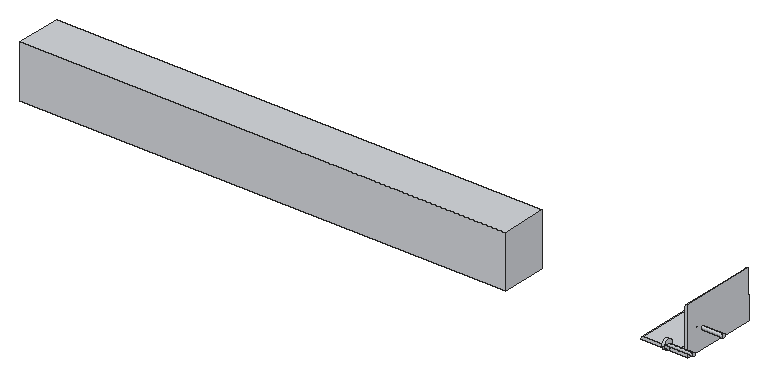
Revit family "AVLN_Набор перемычек", category Обобщенные модели, Revit 2021
Family settings
  Основа = Стена
  Может служить основой для арматурных стержней = Нет
  Размер круглого соединителя = Использовать диаметр
  Тип детали = Нормальный
  Всегда вертикально = Да
  При загрузке вырезать с полостями = Нет
  Общий = Да
  Точка принадлежности помещению = Нет
Parameters (values of type "Для копирования!")
  Элемент 9(3) = Перемычки - Пластина (ГОСТ 103-76) : 80х6, L=250
  Элемент 9(2)_Материал = none
  Элемент 8(2) = Перемычки - Уголок (ГОСТ 8509-93)(Поворот.Зеркальный) : 125х8, L=200(Пов. 180)
  Элемент 7(1)_Материал = none
  Элемент 7(1) = Перемычки - Уголок (ГОСТ 8509-93) : 125х8, L=200
  Элемент 6(1)_Материал = none
  Элемент 5(1)_Материал = none
  Элемент 5(1) = Перемычки ЖБ : 3ПБ27-8-П *2380
  Элемент 4(1)_Материал = none
  Элемент 4(1) = Перемычки ЖБ : 4ПБ48-8-П *4380
  Элемент 3(1)_Материал = none
  Элемент 3(1) = Перемычки ЖБ : 2ПБ10-1-П *830
  Элемент 2(1)_Материал = none
  Элемент 2(1) = Перемычки ЖБ : 2ПБ13-1-П *1090
  Элемент 1(1)_Материал = none
  Элемент 1(1) = Перемычки ЖБ : 2ПБ13-1-П *1090
  Ширина проема Элементы9(2)_8(3) = 2100 mm
  Элементы соединительные(3) = no
  Элементы горизонтальные(1) = yes
  Шаг анкера = 100 mm
  Отступ анкера = 50 mm
  Отметка по умолчанию = 0 mm
  Область маскировки = yes
  Горизонтальное смещение Элемент1-7(1) = 0 mm
  Расчетное расстояние от произвольной плоскости = Расстояние от вспомогательной плоскости + [Горизонтальное смещение Элемент1-7(1)]  # 2500 mm
  Расстояние от вспомогательной плоскости = 2500 mm  # constant formula
  Соединительные Привязка_Элемент 8(3) = ([Ширина проема Элементы9(2)_8(3)] - ([Количество соединительные Элементы 8(3)] - 1) * [Шаг соединительные Элементы 8(3)]) / 2  # 800 mm
  Количество соединительные Элементы 8(3) = 2
  Шаг соединительные Элементы 8(3) = 500 mm
  Высота Элемент 9(2) = -2.6 mm
  Элементы крепления(2) = yes
  Отступ Элемент 8(2) = 105 mm
  Высота Элемент 8(3) = 0 mm
  Высота Элемент 7(1) = 0 mm
  Элемент 7(1)_Видимость = if(and([Элементы горизонтальные(1)]), Количество горизонтальных элементов > 6, Видимость_not)  # no
  Высота Элемент 6(1) = 0 mm
  Элемент 6(1)_Видимость = if(and([Элементы горизонтальные(1)]), Количество горизонтальных элементов > 5, Видимость_not)  # no
  Высота Элемент 5(1) = 0 mm
  Элемент 5(1)_Видимость = if(and([Элементы горизонтальные(1)]), Количество горизонтальных элементов > 4, Видимость_not)  # no
  Высота Элемент 4(1) = 0 mm
  Элемент 4(1)_Видимость = if(and([Элементы горизонтальные(1)]), Количество горизонтальных элементов > 3, Видимость_not)  # no
  Высота Элемент 3(1) = 0 mm
  Элемент 3(1)_Видимость = if(and([Элементы горизонтальные(1)]), Количество горизонтальных элементов > 2, Видимость_not)  # no
  Высота Элемент 2(1) = 0 mm
  Элемент 2(1)_Видимость = if(and([Элементы горизонтальные(1)]), Количество горизонтальных элементов > 1, Видимость_not)  # no
  Высота Элемент 1(1) = 50 mm
  Отступ от 6 до 7 = 150 mm
  Отступ от 5 до 6 = 140 mm
  Отступ от 4 до 5 = 130 mm
  Отступ от 3 до 4 = 146.078 mm
  Отступ от 2 до 3 = 165 mm
  Отступ от 1 до 2 = 125 mm
  Отступ до Элемент 1 = 15 mm
  Область видимости_По высоте вниз [instance] = 1200 mm
  Крепление_Справа_Видимость = if(and([Элементы крепления(2)], [Крепление_Справа(2)]), [Видимость Элемент 9(2)], Видимость_not)  # yes
  Крепление_Справа(2) = yes
  Крепление_Слева_Видимость = if(and([Элементы крепления(2)], [Крепление_Слева(2)]), [Видимость Элемент 9(2)], Видимость_not)  # no
  Крепление_Слева(2) = no
  Количество горизонтальных элементов = 1
  Группа модели = "Перемычки"  # constant formula
  Высота Анкер = 50 mm
  Видимость Элемент 9(2) = Видимость_Определение = 1 mm  # yes
  Видимость_Определение = 1 mm  # constant formula
  Видимость_not = Видимость_Определение = 2 mm  # no
  Анкер справа = yes
  Анкер слева = no
Reference planes
  plane 1 "Стена": y = 0
  plane 2 "По центру (Влево/Вправо)": x = 125
  plane 3 "Назад": y = 150
  plane 4: z = 0
  plane 5: y = -150
  plane 6: y = -135
  plane 7: y = -10
  plane 8: y = 155
  plane 9: y = 301.078
  plane 10: y = 431.078
  plane 11: y = 571.078
  plane 12: y = 721.078
  plane 13: x = 1175
  plane 14: x = -925
  plane 15: y = 360
  plane 16: x = -2375
  plane 17 "Анкер1": y = -100
  plane 18 "Анкер2": y = 0
Lines and regions (mm)
  model lines, style "InvisibleLines"
    curve 1: line (125, 0, 0) -> (125, 0, -1200)
Text (mm)
  text "Сторона размещения" at (-2895.44, 3293.409, 0), in view "Опорный уровень"
  text "Сторона размещения" at (0, 1409.804, 2854.306), in view "Слева"
  text "Сторона размещения" at (0, 499.811, 2980.732), in view "Справа"
Dimensions and locks
  plane 3 "Назад" to plane 3 "Назад" = 0 mm
  "Отступ до Элемент 1": plane 6 to plane 5
  "Отступ от 1 до 2": plane 7 to plane 6
  "Отступ от 2 до 3": plane 8 to plane 7
  "Отступ от 3 до 4": plane 9 to plane 8
  "Отступ от 4 до 5": plane 10 to plane 9
  "Отступ от 5 до 6": plane 11 to plane 10
  "Отступ от 6 до 7": plane 12 to plane 11
  equal spacing: plane 14, plane 2 "По центру (Влево/Вправо)", plane 13
  "Ширина проема Элементы9(2)_8(3)": plane 14 to plane 13
  plane 14 to plane 13 = 2100 mm
  "Отступ Элемент 8(2)": nested 9 to plane 5
  "Отступ Элемент 8(2)": nested 8 to plane 5
  "Расстояние от вспомогательной плоскости": plane 16 to plane 2 "По центру (Влево/Вправо)"
  "Расчетное расстояние от произвольной плоскости": plane 16 to nested 2
  "Расчетное расстояние от произвольной плоскости": plane 16 to nested 3
  "Расчетное расстояние от произвольной плоскости": plane 16 to nested 4
  "Расчетное расстояние от произвольной плоскости": plane 16 to nested 7
  "Расчетное расстояние от произвольной плоскости": plane 16 to nested 5
  "Расчетное расстояние от произвольной плоскости": plane 16 to nested 6
  "Область видимости_По высоте вниз": level to curve 1
  "Область видимости_По высоте вниз": curve 1 to level
  "Соединительные Привязка_Элемент 8(3)": plane 14 to nested 10
  group 1 to group 2 = 500 mm
  group 2 to group 1 = 0 mm
  group 1 to group 2 = 0 mm
  "Шаг соединительные Элементы 8(3)": nested 10 to nested 11
  equal spacing: plane 5, nested 1, plane 3 "Назад"
  plane 6 to plane 5 = 15 mm
  "Отступ анкера": plane 17 "Анкер1" to plane 5
  "Шаг анкера": plane 18 "Анкер2" to plane 17 "Анкер1"
  aligned and locked: plane 1 "Стена" to host wall
  aligned and locked: level to plane 4
  aligned and locked: host wall to plane 5
  aligned and locked: curve 1 to host wall
  aligned and locked: plane 6 to nested 2
  aligned and locked: nested 3 to plane 7
  aligned and locked: nested 4 to plane 8
  aligned and locked: nested 5 to plane 10
  aligned and locked: nested 6 to plane 12
  aligned and locked: nested 7 to plane 9
  aligned and locked: plane 13 to nested 8
  aligned and locked: nested 9 to plane 14
  aligned and locked: plane 2 "По центру (Влево/Вправо)" to nested 1
  aligned and locked: nested 11 to plane 6
  aligned and locked: nested 10 to plane 6
  aligned and locked: plane 18 "Анкер2" to nested 12
  aligned and locked: plane 17 "Анкер1" to nested 14
  aligned and locked: nested 13 to plane 18 "Анкер2"
  aligned and locked: nested 15 to plane 17 "Анкер1"
  aligned and locked: plane 14 to nested 13
  aligned and locked: plane 14 to nested 15
  aligned and locked: plane 13 to nested 12
  aligned and locked: plane 13 to nested 14
Automatic sketch dimensions
  plane 2 "По центру (Влево/Вправо)" to curve 1 = 0 mm
  curve 1 to level = 0 mm
Nested families
  nested 1: "Прозрачный прямоугольник - Элементы узлов" at (125, -60, 0), b <- "Ширина проема Элементы9(2)_8(3)", visible <- "Область маскировки", type "Прозрачный прямоугольник - Элементы узлов"
    with b 2100 mm, a 120 mm
  nested 2: "Перемычки ЖБ" at (125, -15, 50), type <- "Элемент 1(1)", built-in parameter 1001364 <- "Высота Элемент 1(1)", Structural Material <- "Элемент 1(1)_Материал", visible <- "Элементы горизонтальные(1)", type "2ПБ13-1-П *1090"
  nested 3: "Перемычки ЖБ" at (125, 110, 0), type <- "Элемент 2(1)", built-in parameter 1001364 <- "Высота Элемент 2(1)", visible <- "Элемент 2(1)_Видимость", Structural Material <- "Элемент 2(1)_Материал", type "2ПБ13-1-П *1090"
  nested 4: "Перемычки ЖБ" at (125, 275, 0), type <- "Элемент 3(1)", built-in parameter 1001364 <- "Высота Элемент 3(1)", visible <- "Элемент 3(1)_Видимость", Structural Material <- "Элемент 3(1)_Материал", type "2ПБ10-1-П *830"
  nested 5: "Перемычки ЖБ" at (125, 551.078, 0), built-in parameter 1001364 <- "Высота Элемент 5(1)", visible <- "Элемент 5(1)_Видимость", type <- "Элемент 5(1)", Structural Material <- "Элемент 5(1)_Материал", type "3ПБ27-8-П *2380"
  nested 6: "Перемычки - Уголок (ГОСТ 8509-93)" at (125, 728.878, 0), type <- "Элемент 7(1)", built-in parameter 1001364 <- "Высота Элемент 7(1)", visible <- "Элемент 7(1)_Видимость", Structural Material <- "Элемент 7(1)_Материал", type "125х8, L=200"
  nested 7: "Перемычки ЖБ" at (125, 421.078, 0), type <- "Элемент 4(1)", built-in parameter 1001364 <- "Высота Элемент 4(1)", visible <- "Элемент 4(1)_Видимость", Structural Material <- "Элемент 4(1)_Материал", type "4ПБ48-8-П *4380"
  nested 8: "Перемычки - Уголок (ГОСТ 8509-93)(Поворот.Зеркальный)" at (1169.6, 55, -2.6) x (0, 1, 0) z (0, 0, 1), type <- "Элемент 8(2)", built-in parameter 1001364 <- "Высота Элемент 9(2)", visible <- "Крепление_Справа_Видимость", Structural Material <- "Элемент 9(2)_Материал", type "125х8, L=200(Пов. 180)"
  nested 9: "Перемычки - Уголок (ГОСТ 8509-93)(Поворот.Зеркальный)" at (-919.6, 55, -2.6) x (0, 1, 0) z (0, 0, 1), type <- "Элемент 8(2)", built-in parameter 1001364 <- "Высота Элемент 9(2)", visible <- "Крепление_Слева_Видимость", Structural Material <- "Элемент 9(2)_Материал", type "125х8, L=200(Пов. 180)"
  nested 10: "Перемычки - Пластина (ГОСТ 103-76)" at (-125, -10, 0) x (0, 1, 0) z (0, 0, 1), type <- "Элемент 9(3)", built-in parameter 1001364 <- "Высота Элемент 8(3)", visible <- "Элементы соединительные(3)", type "80х6, L=250"
    with Масса 0.942 kg, L_Длина 250 mm
  nested 11: "Перемычки - Пластина (ГОСТ 103-76)" at (375, -10, 0) x (0, 1, 0) z (0, 0, 1), type <- "Элемент 9(3)", built-in parameter 1001364 <- "Высота Элемент 8(3)", visible <- "Элементы соединительные(3)", type "80х6, L=250"
    with Масса 0.942 kg, L_Длина 250 mm
  nested 12: "Перемычки - Анкер" at (1167, 5.4, 50), visible <- "Анкер справа", built-in parameter 1001364 <- "Высота Анкер", type "Анкер-шпилька HSAхМ8х75"
    with b_Ширина 12 mm
  nested 13: "Перемычки - Анкер" at (-917, -5.4, 50) x (-1, 0, 0) z (0, 0, 1), visible <- "Анкер слева", built-in parameter 1001364 <- "Высота Анкер", type "Анкер-шпилька HSAхМ8х75"
    with b_Ширина 12 mm
  nested 14: "Перемычки - Анкер" at (1167, -94.6, 50), visible <- "Анкер справа", built-in parameter 1001364 <- "Высота Анкер", type "Анкер-шпилька HSAхМ8х75"
    with b_Ширина 12 mm
  nested 15: "Перемычки - Анкер" at (-917, -105.4, 50) x (-1, 0, 0) z (0, 0, 1), visible <- "Анкер слева", built-in parameter 1001364 <- "Высота Анкер", type "Анкер-шпилька HSAхМ8х75"
    with b_Ширина 12 mm
Definition of nested family "Перемычки ЖБ"
  Parameters (values of type "4ПБ48-8-П *4380")
    Ширина = 120 mm
    Description = "Перемычка"  # constant formula
    Обозначение = "Серия 1.038.1-1 вып.1"
    Наименование = "1ПБ10-1-П"
    Масса = 418.00 kg
    Длина = 4800 mm
    Model = "Перемычка"  # constant formula
    Высота = 290 mm
  Types (6, lengths in mm): name | Ширина | Обозначение | Наименование | Масса | Длина | Высота
    4ПБ48-8-П *4380 | 120 | "Серия 1.038.1-1 вып.1" | "1ПБ10-1-П" | 418.00 kg | 4800 | 290
    3ПБ27-8-П *2380 | 120 | "Серия 1.038.1-1 вып.1" | "1ПБ10-1-П" | 180.00 kg | 2720 | 220
    2ПБ13-1-П *1090 | 120 | "Серия 1.038.1-1 вып.1" | "2ПБ13-1-П" | 54.00 kg | 1290 | 140
    2ПБ10-1-П *830 | 120 | "Серия 1.038.1-1 вып.1" | "1ПБ10-1-П" | 43.00 kg | 1030 | 140
    3ПБ39-8п_3890х120х220 | 120 | "Серия 1.038.1-1" | "3ПБ39-8п" | 257.00 kg | 3890 | 220
    5ПБ27-37п_2720х250х220 | 250 | "Серия 1.038.1-1" | "5ПБ27-37п" | 418.00 kg | 2720 | 220
  Reference planes
    plane 1 "По центру (Вперед/Назад)": y = 0
    plane 2: z = 0
    plane 3 "По центру (Влево/Вправо)": x = 0
    plane 4: x = -2400
    plane 5: x = 2400
    plane 6: y = -120
    plane 7: z = 290
  Forms (mm)
    Extrusion 1, solid
      sketch origin (0, 0, 0) x (1, 0, 0) y (0, 1, 0)
        loop
          line (-2400, 0) -> (-2400, -120) -> (2400, -120) -> (2400, 0) -> (-2400, 0)
      from 0 to 290
    Extrusion 2, void
      sketch origin (0, 0, 0) x (1, 0, 0) y (0, 1, 0)
        loop
          line (-2400, 0) -> (-2400, -120) -> (2400, -120) -> (2400, 0) -> (-2400, 0)
      from 0 to 290
  Dimensions and locks
    equal spacing: plane 4, plane 3 "По центру (Влево/Вправо)", plane 5
    "Длина": plane 4 to plane 5
    "Ширина": plane 6 to plane 1 "По центру (Вперед/Назад)"
    "Высота": plane 7 to level
    aligned and locked: plane 2 to level
    aligned and locked: Extrusion 1 to plane 7
    aligned and locked: plane 4 to Extrusion 2 sketch curve
    aligned and locked: Extrusion 2 sketch curve to Extrusion 1
    aligned and locked: Extrusion 2 sketch curve to plane 6
    aligned and locked: Extrusion 2 sketch curve to plane 1 "По центру (Вперед/Назад)"
    aligned and locked: Extrusion 2 to plane 7
    aligned and locked: plane 1 "По центру (Вперед/Назад)" to nested 1
    aligned and locked: nested 1 to plane 6
    aligned and locked: plane 7 to nested 1
  Automatic sketch dimensions
    Extrusion 1 sketch curve to plane 4 = 0 mm
    Extrusion 1 sketch curve to plane 5 = 0 mm
    Extrusion 1 sketch curve to plane 6 = 0 mm
    plane 1 "По центру (Вперед/Назад)" to Extrusion 1 sketch curve = 0 mm
  Nested families
    nested 1: "Белый прямоугольник - Элементы узлов" at (0, -60, 290) x (0, -1, 0) z (1, 0, 0), type "Утолщенные линиии"
      with b 120 mm, a 290 mm, Утолщенные линиии yes, Невидимые линии no
  Definition of nested family "Белый прямоугольник - Элементы узлов"
    Parameters
      Утолщенные линиии = no
      Тонкие линии = no
      Невидимые линии = yes
      b [instance] = 370 mm
      a [instance] = 350 mm
    Reference planes
      plane 1 "По центру (Вперед/Назад)": y = 0
      plane 2: z = 0
      plane 3 "По центру (Влево/Вправо)": x = 0
      plane 4: x = -185
      plane 5: x = 185
      plane 6: y = 350
    Lines and regions (mm)
      Filled region 1, type "Сплошная заливка - Белый", in view "Опорный уровень", visible <- "Утолщенные линиии"
        outline origin (0, 0, 0) x (1, 0, 0) y (0, 1, 0)
          loop
            line (-185, 350) -> (-185, 0) -> (185, 0) -> (185, 350) -> (-185, 350)
      Filled region 2, type "Сплошная заливка - Белый", in view "Опорный уровень", visible <- "Тонкие линии"
        outline origin (65, -60, 0) x (1, 0, 0) y (0, 1, 0)
          loop
            line (-250, 410) -> (-250, 60) -> (120, 60) -> (120, 410) -> (-250, 410)
      Filled region 3, type "Сплошная заливка - Белый", in view "Опорный уровень", visible <- "Невидимые линии"
        outline origin (251.408, -282.153, 0) x (1, 0, 0) y (0, 1, 0)
          loop
            line (-436.408, 632.153) -> (-436.408, 282.153) -> (-66.408, 282.153) -> (-66.408, 632.153) -> (-436.408, 632.153)
    Dimensions and locks
      equal spacing: plane 4, plane 3 "По центру (Влево/Вправо)", plane 5
      "a": plane 1 "По центру (Вперед/Назад)" to plane 6
      "b": plane 4 to plane 5
      aligned and locked: Filled region 2 to plane 4
      aligned and locked: plane 5 to Filled region 2
      aligned and locked: plane 1 "По центру (Вперед/Назад)" to Filled region 2
      aligned and locked: plane 6 to Filled region 2
      aligned and locked: plane 6 to Filled region 3
      aligned and locked: plane 1 "По центру (Вперед/Назад)" to Filled region 3
      aligned and locked: Filled region 3 to plane 4
      aligned and locked: plane 5 to Filled region 3
    Automatic sketch dimensions
      plane 1 "По центру (Вперед/Назад)" to Filled region 1 sketch curve = 0 mm
      Filled region 1 sketch curve to plane 4 = 0 mm
      Filled region 1 sketch curve to plane 5 = 0 mm
      Filled region 1 sketch curve to plane 6 = 0 mm
      plane 1 "По центру (Вперед/Назад)" to Filled region 2 sketch curve = 0 mm
      Filled region 2 sketch curve to plane 4 = 0 mm
      Filled region 2 sketch curve to plane 5 = 0 mm
      Filled region 2 sketch curve to plane 6 = 0 mm
      Filled region 3 sketch curve to plane 3 "По центру (Влево/Вправо)" = 185 mm
      plane 5 to Filled region 3 sketch curve = 0 mm
      plane 1 "По центру (Вперед/Назад)" to Filled region 3 sketch curve = 0 mm
      Filled region 3 sketch curve to plane 1 "По центру (Вперед/Назад)" = 350 mm
Definition of nested family "Перемычки - Уголок (ГОСТ 8509-93)"
  Parameters (values of type "50х6, L=1030")
    Сталь по настоящему стандарту = "С245 ГОСТ 27772-88"
    Description = "Перемычка"  # constant formula
    Обозначение стандарта на сортамент = "ГОСТ 8509-93"  # constant formula
    Обозначение = "ГОСТ 8509-93"
    Наименование = ""
    Масса = size_lookup(Lookup, "Масса", 0.00 kg, b_Ширина, t_Толщина) / 1000 mm * L_Длина  # 4.6041 kg
    Model = "Перемычка"  # constant formula
    t_Толщина = 6 mm
    b_Ширина = 50 mm
    Lookup = "ГОСТ 8509-93. Уголки стальные горячекатаные равнополочные"  # constant formula
    L_Длина = 1030 mm
  Types (3, lengths in mm): name | Наименование | Масса | t_Толщина | b_Ширина | L_Длина
    50х6, L=1030 | "" | 4.6041 kg | 6 | 50 | 1030
    50х6, L=1550 | "50x50x6 ГОСТ 8509-93" | 6.9285 kg | 6 | 50 | 1550
    125х8, L=200 | "" | 3.092 kg | 8 | 125 | 200
  Reference planes
    plane 1: z = 0
    plane 2 "По центру (Влево/Вправо)": x = 0
    plane 3: x = -515
    plane 4: x = 515
    plane 5: y = -7.8
  Forms (mm)
    Sweep 1, solid
      path origin (0, -7.8, -7.8) x (1, 0, 0) y (0, 1, 0)
        loop
          line (-515, 0) -> (515, 0)
      profile "Уголок (ГОСТ 8509-93)-Профиль-Высокий : Уголок (ГОСТ 8509-93)-Профиль-Высокий" origin (0, -7.8, -7.8) x (0, 1, 0) y (0, 0, 1)
        loop
          line (-6, 51.8) -> (-6, 1.8) -> (44, 1.8)
          arc (44, 1.8) -> (42.243, 6.043) -> (38, 7.8) r 6
          line (38, 7.8) -> (8.333, 7.8)
          arc (8.333, 7.8) -> (2.441, 10.241) -> (0, 16.133) r 8.333
          line (0, 16.133) -> (0, 45.8)
          arc (0, 45.8) -> (-1.757, 50.043) -> (-6, 51.8) r 6
  Dimensions and locks
    equal spacing: plane 3, plane 2 "По центру (Влево/Вправо)", plane 4
    "L_Длина": plane 3 to plane 4
    aligned and locked: plane 1 to level
    aligned and locked: Sweep 1 to plane 5
    aligned and locked: level to Sweep 1
  Automatic sketch dimensions
    Sweep 1 sketch curve to plane 3 = 0 mm
    Sweep 1 sketch curve to plane 4 = 0 mm
    Sweep 1 sketch curve to plane 5 = 0 mm
Definition of nested family "Перемычки - Уголок (ГОСТ 8509-93)(Поворот.Зеркальный)"
  Parameters (values of type "125х8, L=250(Пов. 180)")
    Сталь по настоящему стандарту = "С245 ГОСТ 27772-88"
    Description = "Перемычка"  # constant formula
    Обозначение стандарта на сортамент = "ГОСТ 8509-93"  # constant formula
    Обозначение = "ГОСТ 8509-93"
    Наименование = "50x50x8 ГОСТ 8509-93"
    Масса = size_lookup(Lookup, "Масса", 0.00 kg, b_Ширина, t_Толщина) / 1000 mm * L_Длина  # 3.865 kg
    Model = "Перемычка"  # constant formula
    t_Толщина = 8 mm
    b_Ширина = 125 mm
    Lookup = "ГОСТ 8509-93. Уголки стальные горячекатаные равнополочные"  # constant formula
    L_Длина = 250 mm
  Types (2, lengths in mm): name | Масса | L_Длина
    125х8, L=250(Пов. 180) | 3.865 kg | 250
    125х8, L=200(Пов. 180) | 3.092 kg | 200
  Reference planes
    plane 1: z = 0
    plane 2 "По центру (Влево/Вправо)": x = 0
    plane 3: x = -125
    plane 4: x = 125
    plane 5: y = -5.4
  Forms (mm)
    Sweep 1, solid
      path origin (0, -13.2, 83) x (-1, 0, 0) y (0, 0, 1)
        loop
          line (-125, -75) -> (125, -75)
      profile "Уголок (ГОСТ 8509-93)-Профиль-Высокий : Уголок (ГОСТ 8509-93)-Профиль-Высокий" origin (0, -13.2, 8) x (0, 0, 1) y (0, 1, 0)
        loop
          line (-8, 124.8) -> (-8, -0.2) -> (117, -0.2)
          arc (117, -0.2) -> (114.657, 5.457) -> (109, 7.8) r 8
          line (109, 7.8) -> (20.833, 7.8)
          arc (20.833, 7.8) -> (6.102, 13.902) -> (0, 28.633) r 20.833
          line (0, 28.633) -> (0, 116.8)
          arc (0, 116.8) -> (-2.343, 122.457) -> (-8, 124.8) r 8
  Dimensions and locks
    equal spacing: plane 3, plane 2 "По центру (Влево/Вправо)", plane 4
    "L_Длина": plane 3 to plane 4
    aligned and locked: plane 1 to level
    aligned and locked: Sweep 1 to plane 5  (x3)
    aligned and locked: Sweep 1 to level
    aligned and locked: Sweep 1 to plane 3
    aligned and locked: Sweep 1 to plane 4
  Automatic sketch dimensions
    Sweep 1 sketch curve to plane 4 = 0 mm
    Sweep 1 sketch curve to plane 3 = 0 mm
    level to Sweep 1 sketch curve = 8 mm
Definition of nested family "Перемычки - Пластина (ГОСТ 103-76)"
  Parameters (values of type "80х6, L=250")
    Сталь по настоящему стандарту = "С245 ГОСТ 27772-88"
    Description = "Перемычка"  # constant formula
    Обозначение стандарта на сортамент = "ГОСТ 103-76"  # constant formula
    Обозначение = "ГОСТ 103-76"  # constant formula
    Наименование = "250х80х6 ГОСТ 103-76"
    Масса = t_Толщина * b_Ширина * L_Длина * 7850.0000 kg/m³  # 1.884 kg
    Model = "Перемычка"  # constant formula
    t_Толщина = 6 mm
    b_Ширина = 80 mm
    L_Длина = 500 mm
  Reference planes
    plane 1 "По центру (Вперед/Назад)": y = 0
    plane 2: z = 0
    plane 3 "По центру (Влево/Вправо)": x = 0
    plane 4: x = -250
    plane 5: x = 250
    plane 6: y = -40
    plane 7: z = -6
    plane 8: y = 40
  Forms (mm)
    Extrusion 1, solid
      sketch origin (0, 0, 0) x (1, 0, 0) y (0, 1, 0)
        loop
          line (-250, 40) -> (-250, -40) -> (250, -40) -> (250, 40) -> (-250, 40)
      from 0 to -6
  Dimensions and locks
    equal spacing: plane 4, plane 3 "По центру (Влево/Вправо)", plane 5
    "L_Длина": plane 4 to plane 5
    "t_Толщина": level to plane 7
    equal spacing: plane 8, plane 1 "По центру (Вперед/Назад)", plane 6
    "b_Ширина": plane 8 to plane 6
    aligned and locked: plane 2 to level
    aligned and locked: plane 4 to Extrusion 1 sketch curve
    aligned and locked: plane 6 to Extrusion 1 sketch curve
    aligned and locked: Extrusion 1 sketch curve to plane 5
    aligned and locked: Extrusion 1 to plane 7
    aligned and locked: Extrusion 1 sketch curve to plane 8
Definition of nested family "Перемычки - Анкер"
  Parameters (values of type "Анкер-шпилька HSAхМ8х75")
    Сталь по настоящему стандарту = ""
    Description = "Перемычка"  # constant formula
    Обозначение стандарта на сортамент = ""
    Обозначение = ""
    Наименование = "Анкер-шпилька HSAхМ8х75"
    Масса = 0.00 kg
    Model = "Перемычка"  # constant formula
    t_Толщина = 8 mm
    b_Ширина = 40 mm
    Lookup = ""
    L_Длина = 75 mm
  Reference planes
    plane 1: z = 0
    plane 2 "По центру (Влево/Вправо)": x = 0
    plane 3: x = 75
    plane 4: y = -5.4
    plane 5: x = 8
  Forms (mm)
    Sweep 1, solid
      path origin (0, -5.4, -1.174) x (1, 0, 0) y (0, 0, 1)
        loop
          line (75, 1.174) -> (0, 1.174)
      profile origin (37.5, -5.4, 0) x (0, 0, -1) y (0, -1, 0)
        loop
          circle (0, 0) r 4
    Extrusion 2, solid
      sketch origin (0, -5.4, 0) x (0, -1, 0) y (0, 0, 1)
        loop
          circle (0, 0) r 4
        loop
          circle (0, 0) r 40
      from -8 to 0
  Dimensions and locks
    plane 2 "По центру (Влево/Вправо)" to plane 3 = 75 mm
    "L_Длина": plane 2 "По центру (Влево/Вправо)" to plane 3
    plane 2 "По центру (Влево/Вправо)" to plane 5 = 8 mm
    "t_Толщина": diameter of Sweep 1 sketch curve
    "t_Толщина": diameter of Extrusion 2 sketch curve
    "b_Ширина": radius of Extrusion 2 sketch curve
    aligned and locked: plane 1 to level
    aligned and locked: Sweep 1 sketch curve to plane 1
    aligned and locked: plane 2 "По центру (Влево/Вправо)" to Sweep 1 sketch curve
    aligned and locked: plane 3 to Sweep 1 sketch curve
    aligned and locked: plane 5 to Extrusion 2
    aligned and locked: Extrusion 2 to plane 2 "По центру (Влево/Вправо)"
  Automatic sketch dimensions
    Sweep 1 sketch curve to plane 4 = 0 mm
    Sweep 1 sketch curve to profile plane = 0 mm
    Extrusion 2 sketch curve to Extrusion 2 sketch curve = 0 mm  (x2)
Definition of nested family "Прозрачный прямоугольник - Элементы узлов"
  Parameters (values of type "Прозрачный прямоугольник - Элементы узлов")
    b [instance] = 300 mm
    a [instance] = 300 mm
  Reference planes
    plane 1 "По центру (Вперед/Назад)": y = 0
    plane 2: z = 0
    plane 3 "По центру (Влево/Вправо)": x = 0
    plane 4: x = -150
    plane 5: x = 150
    plane 6: y = 300
    plane 7: y = 150
  Lines and regions (mm)
    Filled region 1, type "Горизонтально 20мм", in view "Опорный уровень"
      outline origin (0, 0, 0) x (1, 0, 0) y (0, 1, 0)
        loop
          line (-150, 300) -> (-150, 0) -> (150, 0) -> (150, 300) -> (-150, 300)
  Dimensions and locks
    equal spacing: plane 4, plane 3 "По центру (Влево/Вправо)", plane 5
    "a": plane 1 "По центру (Вперед/Назад)" to plane 6
    "b": plane 4 to plane 5
    equal spacing: plane 1 "По центру (Вперед/Назад)", plane 7, plane 6
  Automatic sketch dimensions
    plane 1 "По центру (Вперед/Назад)" to Filled region 1 sketch curve = 0 mm
    Filled region 1 sketch curve to plane 4 = 0 mm
    Filled region 1 sketch curve to plane 5 = 0 mm
    Filled region 1 sketch curve to plane 6 = 0 mm
